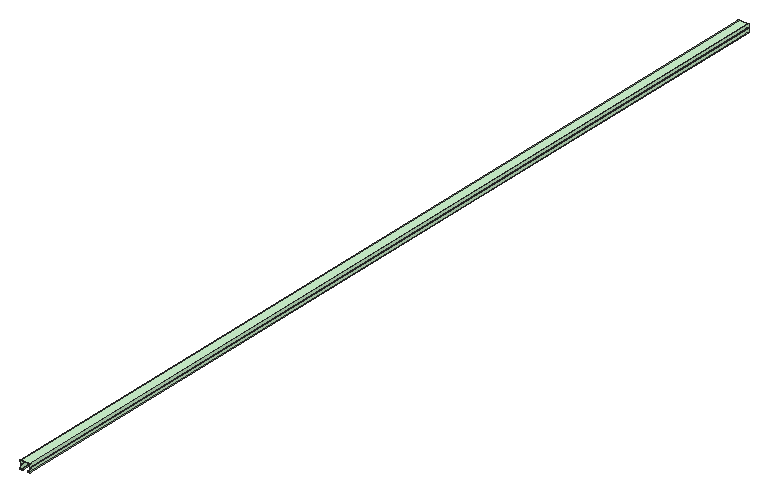
Revit family "大引鋼", category 機械設備, Revit 2020
Family settings
  丸型コネクタ寸法 = 直径を使用
  種別 = なし
  パーツ タイプ = 標準
  作業面ベース = いいえ
  常に垂直 = はい
  ロード時にボイドで切り取り = いいえ
  共有 = いいえ
  部屋計算ポイント = いいえ
Parameters
  製造元 = "株式会社桐井製作所"
  既定の高さ = 0 mm
  URL = "https://www.kirii.co.jp/"
  K_表面処理 = "Z12以上"
  K_材質 = "溶融亜鉛めっき鋼板及び鋼帯及び鋼帯 JIS G 3302"
  K_名称 = "大引鋼"
  K_単位質量(kg/m) = 12.744
  K_バージョン情報 = "20221219"
Reference planes
  plane 1 "中心(正面/背面)": y = 0
  plane 2: z = 0
  plane 3 "中心(左/右)": x = 0
Forms (mm)
  Extrusion 1, solid
    sketch origin (0, 0, 0) x (1, 0, 0) y (0, 0, 1)
      loop
        line (-26.8, 48.4) -> (26.8, 48.4)
        arc (26.8, 48.4) -> (27.932, 47.932) -> (28.4, 46.8) r 1.6
        line (28.4, 46.8) -> (28.4, 28) -> (27.108, 25.452)
        arc (27.108, 25.452) -> (27, 25) -> (27.108, 24.548) r 1
        line (27.108, 24.548) -> (28.4, 22) -> (28.4, 3.2)
        arc (28.4, 3.2) -> (27.932, 2.069) -> (26.8, 1.6) r 1.6
        line (26.8, 1.6) -> (18.2, 1.6)
        arc (18.2, 1.6) -> (17.069, 2.069) -> (16.6, 3.2) r 1.6
        line (16.6, 3.2) -> (16.6, 6) -> (15, 6) -> (15, 3.2)
        arc (15, 3.2) -> (15.937, 0.937) -> (18.2, 0) r 3.2
        line (18.2, 0) -> (26.8, 0)
        arc (26.8, 0) -> (29.063, 0.937) -> (30, 3.2) r 3.2
        line (30, 3.2) -> (30, 21.201)
        arc (30, 21.201) -> (29.915, 21.981) -> (29.662, 22.724) r 3.6
        line (29.662, 22.724) -> (28.6, 25) -> (29.662, 27.276)
        arc (29.662, 27.276) -> (29.915, 28.019) -> (30, 28.799) r 3.6
        line (30, 28.799) -> (30, 46.8)
        arc (30, 46.8) -> (29.063, 49.063) -> (26.8, 50) r 3.2
        line (26.8, 50) -> (-26.8, 50)
        arc (-26.8, 50) -> (-29.063, 49.063) -> (-30, 46.8) r 3.2
        line (-30, 46.8) -> (-30, 28.799)
        arc (-30, 28.799) -> (-29.915, 28.019) -> (-29.662, 27.276) r 3.6
        line (-29.662, 27.276) -> (-28.6, 25) -> (-29.662, 22.724)
        arc (-29.662, 22.724) -> (-29.915, 21.981) -> (-30, 21.201) r 3.6
        line (-30, 21.201) -> (-30, 3.2)
        arc (-30, 3.2) -> (-29.063, 0.937) -> (-26.8, 0) r 3.2
        line (-26.8, 0) -> (-18.2, 0)
        arc (-18.2, 0) -> (-15.937, 0.937) -> (-15, 3.2) r 3.2
        line (-15, 3.2) -> (-15, 6) -> (-16.6, 6) -> (-16.6, 3.2)
        arc (-16.6, 3.2) -> (-17.069, 2.069) -> (-18.2, 1.6) r 1.6
        line (-18.2, 1.6) -> (-26.8, 1.6)
        arc (-26.8, 1.6) -> (-27.932, 2.069) -> (-28.4, 3.2) r 1.6
        line (-28.4, 3.2) -> (-28.4, 22) -> (-27.108, 24.548)
        arc (-27.108, 24.548) -> (-27, 25) -> (-27.108, 25.452) r 1
        line (-27.108, 25.452) -> (-28.4, 28) -> (-28.4, 46.8)
        arc (-28.4, 46.8) -> (-27.932, 47.932) -> (-26.8, 48.4) r 1.6
    from -2700 to 2700
Dimensions and locks
  aligned and locked: level to plane 2
